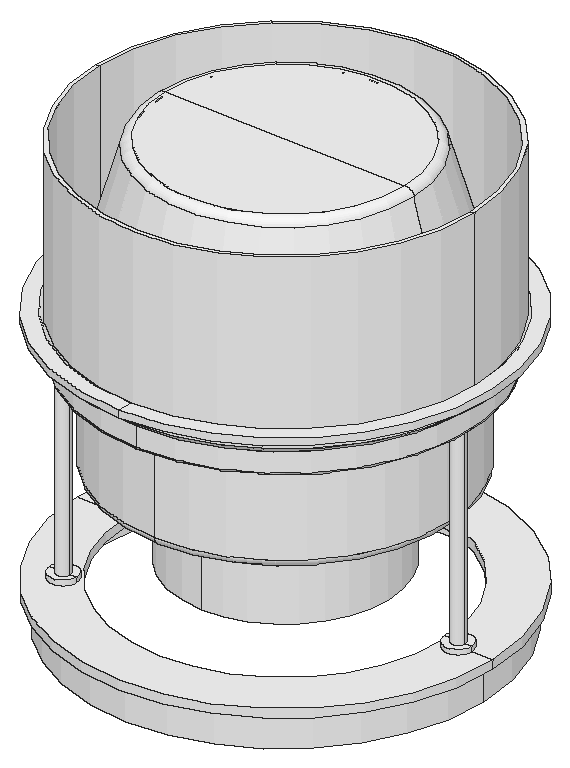
Revit family "R1220-G", category Plumbing Fixtures, host Face, Revit 2018
Family settings
  Host = Face
  Round Connector Dimension = Use Radius
  Part Type = Normal
  Cut with Voids When Loaded = No
  Shared = No
  Room Calculation Point = No
Parameters (values of type "6" Drain Pipe Size")
  WFU = 0
  URL = "WWW.MIFAB.COM"
  Strainer Diameter = 0' - 6 15/16"
  Pipe Radius = Pipe Diameter / 2  # 0' - 3"
  Pipe Diameter = 0' - 6"
  Model = "R1220-G"
  Manufacturer = "MIFAB"
  Floor Drain Material = Paint - Sherwin Williams Paint - #952C2A - Bellwood Red
  Domestic Cold Water Radius = 0' - 0 1/4"
  Domestic Cold Water Diameter = Domestic Cold Water Radius * 2  # 0' - 0 1/2"
  Description = "MEDIUM SUMP ROOF DRAIN WITH BALLAST GUARD FOR IRMA ROOFS"
  Default Elevation = 0' - 0"
  CWFU = 0
  Body Height = 0' - 4 1/4"
  Assembly Code = ""
  Adjustment Height = 0' - 7"
Types (5): name | Pipe Radius | Pipe Diameter
  (no name) | 0' - 3" | 0' - 6"
  2" Drain Pipe Size | 0' - 1" | 0' - 2"
  3" Drain Pipe Size | 0' - 1 1/2" | 0' - 3"
  4" Drain Pipe Size | 0' - 2" | 0' - 4"
  6" Drain Pipe Size | 0' - 3" | 0' - 6"
Reference planes (in)
  plane 1 "Center (Front/Back)": y = 0
  plane 2: z = 0
  plane 3 "Center (Left/Right)": x = 0
  plane 4: z = -7.25
  plane 5: z = -3
  plane 6: z = -2.375
  plane 7: y = -3
  plane 8: y = 3
  plane 9: x = -2.5
  plane 10: x = 2.5
  plane 11: z = -2.5
  plane 12: z = 7.5
  plane 13: z = -3
  plane 14: z = -6.5
  plane 15: x = 6
  plane 16: x = -6
  plane 17: y = 6
  plane 18: y = -6
  plane 19: z = 4.375
  plane 20: z = -7
  plane 21: z = -0.09596
Forms (in)
  Revolve 1, solid, material "Paint - Sherwin Williams Paint - #952C2A - Bellwood Red" <- "Floor Drain Material"
    sketch origin (0, 0.04396, -2.375) x (0, 1, 0) y (0, 0, 1)
      loop
        line (-5.62208, 2.375) -> (-6.04396, 2.375) -> (-6.04396, 2.17578) -> (-5.74853, 2.17578) -> (-5.74853, 1.92842) -> (-5.40694, 1.66517) -> (-5.40694, 1.11019)
        arc (-5.40694, 1.11019) -> (-5.39198, 1.07408) -> (-5.35587, 1.05913) r 0.05107
        line (-5.35587, 1.05913) -> (-4.74443, 1.05913) -> (-4.74443, -1.52529)
        arc (-4.74443, -1.52529) -> (-4.70621, -1.64514) -> (-4.60565, -1.72073) r 0.207
        line (-4.60565, -1.72073) -> (-3.04396, -2.61488) -> (-3.04396, -4.125) -> (-2.84474, -4.125) -> (-2.84474, -2.49753) -> (-4.54521, -1.55494) -> (-4.54521, 2.08137) -> (-5.24107, 2.08137) -> (-5.62208, 2.375)
      axis (-0.04396, 2.375) -> (-0.04396, -4.125)
    angle from 0 to 360
  Revolve 2, solid, material "Paint - Sherwin Williams Paint - #952C2A - Bellwood Red" <- "Floor Drain Material"
    sketch origin (0, 0, 17.75) x (1, 0, 0) y (0, 0, 1)
      loop
        line (5.292, -17.94922) -> (5.292, -17.74805) -> (5.23077, -17.68682) -> (5.23077, -17.58533)
        arc (5.23077, -17.58533) -> (5.2175, -17.55447) -> (5.18596, -17.54288) r 0.04252
        line (5.18596, -17.54288) -> (5.18596, -17.9207)
        arc (5.18596, -17.9207) -> (5.03523, -17.9709) -> (4.87743, -17.98932) r 0.77531
        line (4.87743, -17.98932) -> (4.87743, -18.04363)
        arc (4.87743, -18.04363) -> (5.08957, -18.01774) -> (5.292, -17.94922) r 1.04442
      axis (0, -18.04363) -> (0, -17.54288)
    angle from 0 to 360
  Revolve 3, solid, material "Paint - Sherwin Williams Paint - #952C2A - Bellwood Red" <- "Floor Drain Material"
    sketch origin (0, 0, 7.5) x (1, 0, 0) y (0, 0, 1)
      loop
        line (5.11854, -7.49805) -> (5.11854, -7.29288) -> (4.8565, -7.19671) -> (3.72842, -3.32255)
        arc (3.72842, -3.32255) -> (3.62972, -3.17988) -> (3.46514, -3.125) r 0.27421
        line (3.46514, -3.125) -> (0, -3.125) -> (0, -3.25781) -> (3.46514, -3.25781)
        arc (3.46514, -3.25781) -> (3.55001, -3.28611) -> (3.6009, -3.35968) r 0.1414
        line (3.6009, -3.35968) -> (4.80592, -7.49805) -> (5.11854, -7.49805)
      axis (0, -7.49805) -> (0, -3.125)
    angle from 0 to 360
  Revolve 4, solid, material "Paint - Sherwin Williams Paint - #952C2A - Bellwood Red" <- "Floor Drain Material"
    sketch origin (0, 0, -6.75) x (1, 0, 0) y (0, 0, 1)
      loop
        line (6, -0.25) -> (4.56527, -0.25) -> (4.56527, -0.5) -> (5.5, -0.5) -> (5.5, -1.43239) -> (5.75, -1.43239) -> (5.75, -0.5) -> (6, -0.5) -> (6, -0.25)
      axis (0, -1.43239) -> (0, -0.25)
    angle from 0 to 360
  Revolve 5, solid, material "Paint - Sherwin Williams Paint - #952C2A - Bellwood Red" <- "Floor Drain Material"
    sketch origin (0, 0, 0) x (1, 0, 0) y (0, 0, 1)
      loop
        line (5.47077, -0.09596) -> (5.47077, 4.375) -> (5.37311, 4.375) -> (5.37311, -0.09596) -> (5.47077, -0.09596)
      axis (0, -0.09596) -> (0, 4.375)
    angle from 0 to 360
Lines and regions (in)
  model lines, not visible
    curve 1: line (6.7156, 0, 9.07611) -> (12.5156, 0, 9.07611)
    curve 2: line (12.5156, 0, 9.07611) -> (12.5156, 0, 10.82611)
    curve 3: line (12.5156, 0, 10.82611) -> (6.7156, 0, 10.82611)
    curve 4: line (6.7156, 0, 10.82611) -> (6.7156, 0, 9.07611)
    curve 5: line (7.13163, 0, 10.86539) -> (7.13163, 0, 12.86539)
    curve 6: line (7.13163, 0, 12.86539) -> (15.53163, 0, 12.86539)
    curve 7: line (15.53163, 0, 12.86539) -> (15.53163, 0, 10.86539)
    curve 8: line (11.33163, 0, 12.86539) -> (11.33163, 0, 12.36539)
Dimensions and locks (in)
  "Body Height": plane 5 to plane 4
  equal spacing: plane 8, plane 1 "Center (Front/Back)", plane 7
  "Pipe Diameter": plane 8 to plane 7
  "Pipe Radius": plane 1 "Center (Front/Back)" to plane 7
  locked: plane 19 to level at 4.375
  plane 12 to level = 0' - 7 1/2"
  locked: level to plane 14 at 6.5
  equal spacing: plane 16, plane 3 "Center (Left/Right)", plane 15
  locked: plane 16 to plane 15 at 12
  equal spacing: plane 18, plane 1 "Center (Front/Back)", plane 17
  locked: plane 18 to plane 17 at 12
  "Adjustment Height": level to plane 20
  locked: plane 20 to Revolve 4 sketch curve at 1.18239
  locked: plane 2 to plane 21 at 0.09596
  locked: Revolve 5 sketch curve to plane 21 at 4.47096
  plane 16 to plane 15 = 1' - 0"
  aligned and locked: plane 2 to host face
  aligned and locked: level to host face
  aligned and locked: Revolve 1 sketch curve to plane 14
  aligned and locked: Revolve 1 sketch curve to plane 2
  aligned and locked: Revolve 1 sketch curve to plane 18
  aligned and locked: Revolve 3 sketch curve to plane 19
  aligned and locked: nested 1 to Revolve 1
  aligned and locked: nested 2 to Revolve 1
  aligned and locked: nested 3 to Revolve 1
  aligned and locked: plane 21 to Revolve 5 sketch curve
Automatic sketch dimensions
  curve 5 to curve 7 = 0' - 8.4"
  curve 5 to curve 8 = 0' - 4.2"
  curve 5 to curve 5 = 0' - 2"
  curve 7 to curve 6 = 0' - 2"
  curve 8 to curve 8 = 0' - 0 1/2"
  host sketch curve to host sketch curve = 8' - 0"  (x2)
  Revolve 2 sketch curve to plane 3 "Center (Left/Right)" = 0' - 0"
  Revolve 2 sketch curve to plane 15 = 0' - 1.14233"
  Revolve 2 sketch curve to Revolve 2 sketch curve = 0' - 0.00923"
  Revolve 2 sketch curve to level = 0' - 0.29363"
  Revolve 2 sketch curve to Revolve 2 sketch curve = 0' - 0.01054"
  Revolve 2 sketch curve to level = 0' - 0.1707"
  Revolve 2 sketch curve to Revolve 2 sketch curve = 0' - 0.30853"
  Revolve 2 sketch curve to Revolve 2 sketch curve = 0' - 0.00229"
  level to Revolve 2 sketch curve = 0' - 0.06318"
  Revolve 2 sketch curve to Revolve 2 sketch curve = 0' - 0.04252"
  level to Revolve 2 sketch curve = 0' - 0.00195"
  Revolve 2 sketch curve to Revolve 2 sketch curve = 0' - 0.06123"
  Revolve 2 sketch curve to Revolve 2 sketch curve = 0' - 0.0543"
  Revolve 2 sketch curve to Revolve 2 sketch curve = 0' - 0.02852"
  Revolve 2 sketch curve to Revolve 2 sketch curve = 0' - 0.10148"
  plane 12 to Revolve 2 sketch curve = 1' - 6.80313"
  Revolve 2 sketch curve to Revolve 2 sketch curve = 0' - 2"
  Revolve 3 sketch curve to Revolve 3 sketch curve = 0' - 0"  (x2)
  Revolve 3 sketch curve to plane 3 "Center (Left/Right)" = 0' - 0"  (x2)
  Revolve 3 sketch curve to plane 19 = 0' - 0 17/128"
  Revolve 3 sketch curve to plane 10 = 0' - 0.96514"
  Revolve 3 sketch curve to plane 19 = 0' - 0.23468"
  Revolve 3 sketch curve to Revolve 3 sketch curve = 0' - 0.13576"
  Revolve 3 sketch curve to plane 19 = 0' - 0.19755"
  level to Revolve 3 sketch curve = 0' - 0.00195"
  Revolve 3 sketch curve to plane 15 = 0' - 1.19408"
  level to Revolve 3 sketch curve = 0' - 0.30329"
  Revolve 3 sketch curve to Revolve 3 sketch curve = 0' - 0.05058"
  level to Revolve 3 sketch curve = 0' - 0.20712"
  Revolve 3 sketch curve to Revolve 3 sketch curve = 0' - 0.26204"
  plane 12 to Revolve 3 sketch curve = 0' - 8.55205"
  Revolve 3 sketch curve to Revolve 3 sketch curve = 0' - 2"
  Revolve 1 sketch curve to plane 7 = 0' - 0"
  Revolve 1 sketch curve to plane 1 "Center (Front/Back)" = 0' - 0"
  Revolve 1 sketch curve to plane 4 = 0' - 0"
  Revolve 1 sketch curve to plane 18 = 0' - 0.29543"
  Revolve 1 sketch curve to Revolve 1 sketch curve = 0' - 0.12644"
  Revolve 1 sketch curve to plane 18 = 0' - 0.63702"
  Revolve 1 sketch curve to Revolve 1 sketch curve = 0' - 0.05107"
  Revolve 1 sketch curve to level = 0' - 0.29363"
  Revolve 1 sketch curve to Revolve 1 sketch curve = 0' - 0.16587"
  Revolve 1 sketch curve to Revolve 1 sketch curve = 0' - 0.61144"
  Revolve 1 sketch curve to Revolve 1 sketch curve = 0' - 0.13879"
  Revolve 1 sketch curve to Revolve 1 sketch curve = 0' - 0.69585"
  Revolve 1 sketch curve to Revolve 1 sketch curve = 0' - 0.00778"
  Revolve 1 sketch curve to plane 7 = 0' - 0 51/256"
  Revolve 1 sketch curve to Revolve 1 sketch curve = 0' - 1.51012"
  Revolve 1 sketch curve to Revolve 1 sketch curve = 0' - 0.11735"
  Revolve 1 sketch curve to plane 5 = 0' - 1.09573"
  Revolve 1 sketch curve to Revolve 1 sketch curve = 0' - 0.02965"
  Revolve 1 sketch curve to Revolve 1 sketch curve = 0' - 1.02225"
  Revolve 1 sketch curve to Revolve 1 sketch curve = 0' - 0.4162"
  Revolve 1 sketch curve to Revolve 1 sketch curve = 0' - 0.26324"
  Revolve 1 sketch curve to level = 0' - 0 51/256"
  Revolve 1 sketch curve to plane 5 = 0' - 0 1/4"
  Revolve 4 sketch curve to plane 3 "Center (Left/Right)" = 0' - 0"
  Revolve 4 sketch curve to plane 20 = 0' - 0"
  Revolve 4 sketch curve to plane 15 = 0' - 0"
  Revolve 4 sketch curve to plane 20 = 0' - 0 1/4"  (x2)
  Revolve 4 sketch curve to Revolve 4 sketch curve = 0' - 1.43473"
  Revolve 4 sketch curve to Revolve 4 sketch curve = 0' - 0 1/2"
  Revolve 4 sketch curve to Revolve 4 sketch curve = 0' - 0 1/4"
  level to Revolve 4 sketch curve = 0' - 1.80205"
  Revolve 4 sketch curve to plane 19 = 0' - 0.57295"
  Revolve 5 sketch curve to plane 3 "Center (Left/Right)" = 0' - 0"
  Revolve 5 sketch curve to plane 15 = 0' - 0.62689"
  Revolve 5 sketch curve to Revolve 5 sketch curve = 0' - 0 25/256"
  plane 12 to Revolve 5 sketch curve = 0' - 2.65404"
  Revolve 5 sketch curve to Revolve 5 sketch curve = 0' - 1 3/4"
Nested families (in)
  nested 1: "Bolt" at (4.99846, 0, -7), type "Bolt"
    with Height 0' - 6.29017"
  nested 2: "Bolt" at (-3.95005, -3.08325, -7), type "Bolt"
    with Height 0' - 6.29017"
  nested 3: "Bolt" at (-1.04582, 4.98366, -7), type "Bolt"
    with Height 0' - 6.29017"
Connectors (in)
  piping at (0, 0, -6.5), diameter 6, driven by "Pipe Radius", driven by "WFU"
    settings: on Revolve 1, index 2, connector inside diameter 2", connector length 0' - 0", flow factor 0, pipe flow 0 GPM, pressure drop 0.00 psi, fitting loss kfactor 0, connector angle 0.00°, fixture units 0, engagement length 0' - 0", angle of deflection 0.00°, flow configuration 3, flow direction 2, fitting loss method 0, system type 16, joint type 0, gender type 0, connector reference index -1, connector utility 0, adjustable connector no, is connector primary yes, connector description "Sanitary Out"
Definition of nested family "Bolt"
  Parameters (values of type "Bolt")
    Material = none
    Height [instance] = 2' - 9.85827"
    Default Elevation = 4' - 0"
  Reference planes (in)
    plane 1 "Center (Front/Back)": y = 0
    plane 2: z = 0
    plane 3 "Center (Left/Right)": x = 0
    plane 4: z = 33.85827
  Forms (in)
    Extrusion 1, solid
      sketch origin (0, 0, 0) x (1, 0, 0) y (0, 1, 0)
        loop
          line (-48, 48) -> (-48, -48) -> (48, -48) -> (48, 48) -> (-48, 48)
      from 0 to -12
    Revolve 2, solid, material <- "Material"
      sketch origin (0, 0, 0) x (1, 0, 0) y (0, 0, 1)
        loop
          line (0, 33.85827) -> (0, -0.98425) -> (0.19685, -0.98425) -> (0.19685, -0.384) -> (0.3937, -0.384) -> (0.3937, -0.25) -> (0.19685, -0.25) -> (0.19685, 0) -> (0.3937, 0) -> (0.3937, 0.134) -> (0.19685, 0.134) -> (0.19685, 33.85827) -> (0, 33.85827)
        axis (0, -0.98425) -> (0, 33.85827)
      angle from 0 to 360
  Dimensions and locks (in)
    "Height": plane 4 to plane 2
    aligned and locked: plane 2 to Extrusion 1
    aligned and locked: level to Extrusion 1
    aligned and locked: Revolve 2 sketch curve to plane 3 "Center (Left/Right)"
    aligned and locked: Revolve 2 sketch curve to plane 2
    aligned and locked: plane 4 to Revolve 2 sketch curve
  Automatic sketch dimensions
    Extrusion 1 sketch curve to Extrusion 1 sketch curve = 8' - 0"  (x2)
    Revolve 2 sketch curve to plane 3 "Center (Left/Right)" = 0' - 0"
    plane 3 "Center (Left/Right)" to Revolve 2 sketch curve = 0' - 0.19685"  (x2)
    Revolve 2 sketch curve to Revolve 2 sketch curve = 0' - 0"
    Revolve 2 sketch curve to Revolve 2 sketch curve = 0' - 0.19685"  (x2)
    Revolve 2 sketch curve to Revolve 2 sketch curve = 0' - 0 1/4"
    Revolve 2 sketch curve to Revolve 2 sketch curve = 0' - 0.134"
    Revolve 2 sketch curve to Revolve 2 sketch curve = 0' - 0.60025"
    level to Revolve 2 sketch curve = 0' - 0.134"
    Revolve 2 sketch curve to Revolve 2 sketch curve = 0' - 5.51181"  (x2)
